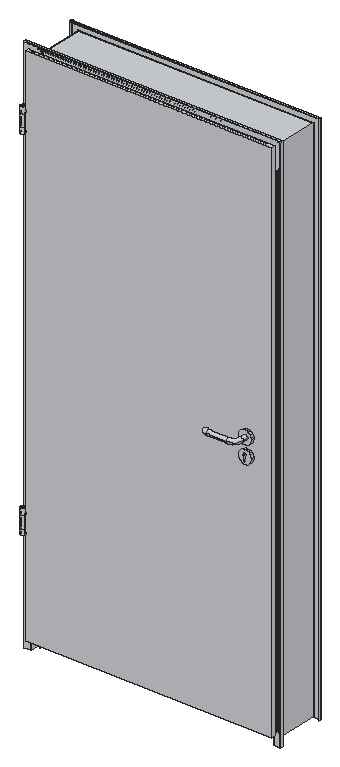
Revit family "BOS-Umfassungszarge-Uud-MW_Familie", category Türen, Revit 2017
Family settings
  Basisbauteil = Wand
  Immer vertikal = Ja
  Beim Laden mit Abzugskörper schneiden = Nein
  Gemeinsam genutzt = Nein
  Raumberechnungspunkt = Ja
Parameters (values of type "Uud")
  Öffnungswinkel [instance] = if(Öffnungswinkel   Aperture < Öffnungswinkel min., Öffnungswinkel min., if(Öffnungswinkel   Aperture > Öffnungswinkel max., Öffnungswinkel max., Öffnungswinkel   Aperture)) * if(DIN links   DIN Left, 1, -1)  # 0.00°
  Öffnungswinkel min. = 0.00°  # constant formula
  Öffnungswinkel max. = 180.00°  # constant formula
  Öffnungswinkel   Aperture [instance] = 0.00°
  Türblattaufschlag = 13 mm  # constant formula
  Türblattabstand links-rechts = 3.5 mm  # constant formula
  Spiegel vorne min. = 30 mm  # constant formula
  Spiegel vorne max. = 80 mm  # constant formula
  Spiegel hinten min. = 30 mm  # constant formula
  Spiegel hinten max. = if(Einfachfalz, 30 mm, 45 mm)  # 30 mm
  Sickentiefe = 10 mm  # constant formula
  RNH Rohbau_Nennmaß_Höhe   Nominal Wall Opening Height Measurement [instance] = FMH Falzmaß Höhe + Einfügepunkt  # 2130 mm
  RNB Rohbau_Nennmaß_Breite   Nominal Wall Opening Width Measurement [instance] = FMB Falzmaß Breite + (2 * Einfügepunkt)  # 1010 mm
  Putzwinkel min. = 10 mm  # constant formula
  Putzwinkel max. = 28 mm  # constant formula
  GT min. [instance] = MW min. + Putzwinkel vorne + Putzwinkel hinten  # 100 mm
  Drehpunktreferenz horizontal = 500 mm  # constant formula
  Türblattversatz vertikal = if(Gefälzt, -3.5 mm, 15.5 mm)  # -3.5 mm
  Türblattversatz  horizontal = if(Gefälzt, 11.5 mm, 6 mm)  # 11.5 mm
  Türblattabstand 3 = 4.5 mm  # constant formula
  Türblattabstand 2 = 4.5 mm  # constant formula
  Türblattabstand 1 = if(Gefälzt, 1.5 mm, -2 mm)  # 1.5 mm
  Wandstärke   Wall Thickness [instance] = 200 mm
  Stumpf = or(Usd, UsFd)  # no
  VX Bänder [instance] = 1 < 2  # yes
  Putzwinkel vorne   Backbend Front [instance] = 10 mm  # constant formula
  Putzwinkel hinten   Backbend Back [instance] = 10 mm  # constant formula
  LDH Lichte Durchgangs Höhe   Clearance Height [instance] = FMH Falzmaß Höhe - Falzaufschlag gesamt  # 2093 mm
  LDB Lichte Durchgangs Breite   Clearance Width [instance] = FMB Falzmaß Breite - (2 * Falzaufschlag gesamt)  # 936 mm
  Gefälzt = or(Uud, UuFd)  # yes
  URL = "www.BestOfSteel.de/stahlzargen/zargen-fuer-drehfluegeltueren/umfassungszargen/"
  Türblattstärke 3 = if(Doppelfalz, Falztiefe 2, 0 mm)  # 0 mm
  Türblattstärke 2 = Türblattstärke - Türblattstärke 1 - Türblattstärke 3  # 25.5 mm
  Türblattstärke 1 = if(Gefälzt, 14.5 mm, 0 mm)  # 14.5 mm
  Türblattstärke = if(Einfachfalz, 40 mm, 65 mm)  # 40 mm
  Typenbild = <Keine Auswahl>
  Spiegel vorne   Architrave Front [instance] = 30 mm
  Spiegel vorne [instance] = if(Spiegel vorne   Architrave Front < Spiegel vorne min., Spiegel vorne min., if(Spiegel vorne   Architrave Front > Spiegel vorne max., Spiegel vorne max., Spiegel vorne   Architrave Front))  # 30 mm
  Spiegel hinten   Architrave Back [instance] = 30 mm
  Spiegel hinten [instance] = if(Spiegel hinten   Architrave Back < Spiegel hinten min., Spiegel hinten min., if(Spiegel hinten   Architrave Back > Spiegel hinten max., Spiegel hinten max., Spiegel hinten   Architrave Back))  # 30 mm
  Rough Height = 0 mm  # constant formula
  Rough Width = 0 mm  # constant formula
  Rechtliche Hinweise [instance] = "www.BestOfSteel.de/tools-downloads/bim-building-information-modeling/"
  Putzwinkel vorne [instance] = if(Putzwinkel vorne   Backbend Front < Putzwinkel min., Putzwinkel min., if(Putzwinkel vorne   Backbend Front > Putzwinkel max., Putzwinkel max., Putzwinkel vorne   Backbend Front))  # 10 mm
  Putzwinkel hinten [instance] = if(Putzwinkel hinten   Backbend Back < Putzwinkel min., Putzwinkel min., if(Putzwinkel hinten   Backbend Back > Putzwinkel max., Putzwinkel max., Putzwinkel hinten   Backbend Back))  # 10 mm
  MW min. = 80 mm  # constant formula
  MW max. [instance] = GT max. - Putzwinkel vorne - Putzwinkel hinten  # 630 mm
  Information in English = no
  GT max. = 650 mm  # constant formula
  GT Gesamttiefe [instance] = GT Gesamttiefe_Zarge   Total Profile Depth  # 220 mm
  Funktion = Innen
  Falztiefe gesamt = if(Einfachfalz, Falztiefe, Falztiefe + Falztiefe 2)  # 28.5 mm
  Falztiefe 2 = 25 mm  # constant formula
  Falztiefe = Türblattstärke 2 - Türblattabstand 1 + Türblattabstand 2  # 28.5 mm
  Falzaufschlag gesamt = if(Einfachfalz, Falzaufschlag, 2 * Falzaufschlag)  # 15 mm
  FMH min. = 1608 mm  # constant formula
  FMH max. = 2858 mm  # constant formula
  FMH Falzmaß_Höhe   Rebate Height Measurement [instance] = 2108 mm
  FMH Falzmaß Höhe [instance] = if(FMH Falzmaß_Höhe   Rebate Height Measurement < FMH min., FMH min., if(FMH Falzmaß_Höhe   Rebate Height Measurement > FMH max., FMH max., FMH Falzmaß_Höhe   Rebate Height Measurement))  # 2108 mm
  FMB min. = 591 mm  # constant formula
  FMB max. = 1342 mm  # constant formula
  FMB Falzmaß_Breite   Rebate Width Measurement [instance] = 966 mm
  FMB Falzmaß Breite [instance] = if(FMB Falzmaß_Breite   Rebate Width Measurement < FMB min., FMB min., if(FMB Falzmaß_Breite   Rebate Width Measurement > FMB max., FMB max., FMB Falzmaß_Breite   Rebate Width Measurement))  # 966 mm
  Drückerhöhe [instance] = if(Drückerhöhe   Handle Height < 850 mm, 850 mm, if(Drückerhöhe   Handle Height > 1050 mm, 1050 mm, Drückerhöhe   Handle Height))  # 1050 mm
  Drehpunkt Warnung sichtbar = yes
  Drehpunkt Warnung [instance] = and(Drehpunkt Warnung sichtbar, not(Öffnungswinkel = 0.00°))  # no
  Doppelfalz = or(UuFd, UsFd)  # no
  Einfachfalz = or(Uud, Usd)  # yes
  Dichtungsversatz vertikal 2 [instance] = Falztiefe + Sickentiefe - Putzwinkel vorne + Falztiefe 2  # 53.5 mm
  Dichtungsversatz vertikal 1 [instance] = Falztiefe + Sickentiefe - Putzwinkel vorne  # 28.5 mm
  Dichtungsversatz horizontal 2 [instance] = Falzaufschlag  # 15 mm
  Dichtungsversatz horizontal 1 [instance] = 0 mm  # constant formula
  Dichtung 2 = Doppelfalz  # no
  Dichtung 1 = or(Einfachfalz, Doppelfalz)  # yes
  Drehpunktposition vertikal [instance] = (Wandstärke   Wall Thickness / 2) + Putzwinkel vorne + [Drehpunktabstand (SP) vertikal]  # 122.5 mm
  Drehpunktposition horizontal [instance] = Drehpunktreferenz horizontal + Einfügepunkt + if(DIN links   DIN Left, FMB Falzmaß Breite + [Drehpunktabstand (FM) horizontal], -[Drehpunktabstand (FM) horizontal])  # 1509 mm
  Drehpunktabstand (FM) horizontal = if(Gefälzt, 21 mm, 2.5 mm)  # 21 mm
  Drehpunktabstand (SP) vertikal = if(Gefälzt, 12.5 mm, 13.5 mm)  # 12.5 mm
  Bänder - Auswahl [instance] = if(Gefälzt, "3D Bänder gefälzt, Bandaufnahmen BVX11000", "3D Bänder stumpf, Bandaufnahmen BVX11000")  # "3D Bänder gefälzt, Bandaufnahmen BVX11000"
  Blechstärke = 1.5 mm  # constant formula
  BE max. = 100 mm  # constant formula
  BE Bodeneinstand [instance] = if(BE Bodeneinstand   Foundation Bedding < 0 mm, 0 mm, if(BE Bodeneinstand   Foundation Bedding > BE max., BE max., BE Bodeneinstand   Foundation Bedding))  # 30 mm
  UsFd = no
  UuFd = no
  Modell = "Uud"
  Material - Zarge = none
  Material - Türblatt = none
  Material - Drückergarnitur = none
  Material - Dichtung = none
  Material - Bänder = none
  Material = "grundiert, feuerverzinktes Feinblech nach DIN EN 10143"
  MW Maulweite   Receiving Opening [instance] = if(Wandstärke   Wall Thickness < MW min., MW min., if(Wandstärke   Wall Thickness > MW max., MW max., Wandstärke   Wall Thickness))  # 200 mm
  Height [instance] = RNH Rohbau_Nennmaß_Höhe   Nominal Wall Opening Height Measurement  # 2130 mm
  Hersteller = "BOS GmbH Best Of Steel, Lütkenfelde 4, D-48282 Emsdetten"
  GT Gesamttiefe_Zarge   Total Profile Depth [instance] = MW Maulweite   Receiving Opening + Putzwinkel vorne + Putzwinkel hinten  # 220 mm
  MW Fehler [instance] = or(Wandstärke   Wall Thickness < MW min., Wandstärke   Wall Thickness > MW max.)  # no
  Einfügepunkt = 22 mm  # constant formula
  Drückerhöhe   Handle Height [instance] = 1050 mm
  Drückergarnitur [instance] = 1 < 2  # yes
  Dicke = 0 mm  # constant formula
  DIN rechts   DIN Right [instance] = not(DIN links   DIN Left)  # no
  DIN links oder rechts [instance] = if(DIN links   DIN Left, "DIN links", "DIN rechts")  # "DIN links"
  DIN links   DIN Left [instance] = yes
  Uud = yes
  Usd = no
  Width = 0 mm  # constant formula
  Beschreibung = "Umfassungszarge für Mauerwerk, gefälzt"
  Bauelement = "BOS Stahlzarge"
  BOS-Architekten-Beratung = "Tel.: +49 (0) 2572 203-203; E-Mail: architekten@BestOfSteel.de"
  BE Bodeneinstand   Foundation Bedding [instance] = 30 mm
  BBL1 Bandbezugslinie   Hinge Position 1 = 241 mm  # constant formula
  BA Bandabstand   Distance Between Hinges [instance] = if(FMH Falzmaß Höhe < 1546 mm, 935 mm, if(FMH Falzmaß Höhe < 1671 mm, 1060 mm, if(FMH Falzmaß Höhe < 1796 mm, 1185 mm, if(FMH Falzmaß Höhe < 1921 mm, 1310 mm, if(FMH Falzmaß Höhe < 2171 mm, 1435 mm, if(FMH Falzmaß Höhe < 2296 mm, 1685 mm, if(FMH Falzmaß Höhe < 2421 mm, 1810 mm, if(FMH Falzmaß Höhe < 2546 mm, 1935 mm, if(FMH Falzmaß Höhe < 2671 mm, 2060 mm, if(FMH Falzmaß Höhe < 2796 mm, 2185 mm, 2310 mm))))))))))  # 1435 mm
  Falzaufschlag = 15 mm  # constant formula
  Technische Infos rund um die Stahlzarge = "www.BestOfSteel.de/tools-downloads/technische-infos-rund-um-die-stahlzarge/"
  Info-Texte sichtbar = yes
Reference planes
  plane 1 "Wand": y = 0
  plane 2 "Mitte (Links/rechts)": x = 125
  plane 3 "Hinten": y = 100
  plane 4 "Vorne": y = -100
  plane 5 "RNB links": x = -380
  plane 6 "RNB rechts": x = 630
  plane 7 "RNH oben": z = 2130
  plane 8 "BBL1": z = 1867
  plane 9 "Drückerhöhe": z = 1050
  plane 10 "BBL2": z = 432
  plane 11 "BE": z = -30
  plane 12 "FMH oben": z = 2108
  plane 13 "BE max.": z = -100
  plane 14 "FMB links": x = -358
  plane 15 "FMB rechts": x = 608
  plane 16 "Drehpunkt vertikal": y = -122.5
  plane 17 "Drehpunkt horizontal": x = -379
  plane 18 "Drehpunktreferenz horizontal": x = 1130
Forms (mm)
  Sweep 1, solid, material <- "Material - Zarge", visible <- "Einfachfalz", detail levels medium+fine
    path origin (0, -100, 0) x (-1, 0, 0) y (0, 0, 1)
      loop
        line (380, -30) -> (380, 2130) -> (-630, 2130) -> (-630, -30)
    profile "BOS-Uud-Usd_Profil : BOS-Uud-Usd_Profil" origin (-380, -100, 1050) x (1, 0, 0) y (0, 1, 0)
      loop
        arc (37, 207.5) -> (36.268, 209.268) -> (34.5, 210) r 2.5
        line (34.5, 210) -> (9.5, 210)
        arc (9.5, 210) -> (7.732, 209.268) -> (7, 207.5) r 2.5
        line (7, 207.5) -> (7, 200) -> (8.5, 200) -> (8.5, 207.5)
        arc (8.5, 207.5) -> (8.793, 208.207) -> (9.5, 208.5) r 1
        line (9.5, 208.5) -> (34.5, 208.5)
        arc (34.5, 208.5) -> (35.207, 208.207) -> (35.5, 207.5) r 1
        line (35.5, 207.5) -> (35.5, 21.25)
        arc (35.5, 21.25) -> (34.135, 20.005) -> (33.021, 21.479) r 1.25
        line (33.021, 21.479) -> (33.949, 26.449)
        arc (33.949, 26.449) -> (33.308, 28.917) -> (31, 30) r 3
        line (31, 30) -> (23, 30)
        arc (23, 30) -> (21.232, 29.268) -> (20.5, 27.5) r 2.5
        line (20.5, 27.5) -> (20.5, -7.5)
        arc (20.5, -7.5) -> (20.207, -8.207) -> (19.5, -8.5) r 1
        line (19.5, -8.5) -> (-5.5, -8.5)
        arc (-5.5, -8.5) -> (-6.207, -8.207) -> (-6.5, -7.5) r 1
        line (-6.5, -7.5) -> (-6.5, 0) -> (-8, 0) -> (-8, -7.5)
        arc (-8, -7.5) -> (-7.268, -9.268) -> (-5.5, -10) r 2.5
        line (-5.5, -10) -> (19.5, -10)
        arc (19.5, -10) -> (21.268, -9.268) -> (22, -7.5) r 2.5
        line (22, -7.5) -> (22, 27.5)
        arc (22, 27.5) -> (22.293, 28.207) -> (23, 28.5) r 1
        line (23, 28.5) -> (31, 28.5)
        arc (31, 28.5) -> (32.154, 27.958) -> (32.475, 26.725) r 1.5
        line (32.475, 26.725) -> (31.547, 21.755)
        arc (31.547, 21.755) -> (33.996, 18.512) -> (37, 21.25) r 2.75
        line (37, 21.25) -> (37, 207.5)
  Sweep 2, solid, material <- "Material - Dichtung", visible <- "Dichtung 1", detail levels medium+fine
    path origin (0, -100, 0) x (-1, 0, 0) y (0, 0, 1)
      loop
        line (358, 0) -> (358, 2108) -> (-608, 2108) -> (-608, 0)
    profile "BOS-Dichtung_Profil : BOS-Dichtung_Profil" origin (-358, -100, 1054) x (1, 0, 0) y (0, 1, 0)
      loop
        arc (2.601, 27.263) -> (2.248, 27.116) -> (2.102, 26.763) r 0.5
        line (2.102, 26.763) -> (2.102, 22.634)
        arc (2.102, 22.634) -> (2.243, 22.254) -> (2.599, 22.057) r 0.584
        line (2.599, 22.057) -> (7.702, 21.28)
        arc (7.702, 21.28) -> (8.08, 21.392) -> (8.234, 21.754) r 0.462
        line (8.234, 21.754) -> (8.069, 25.992)
        arc (8.069, 25.992) -> (7.918, 26.403) -> (7.556, 26.65) r 0.716
        arc (7.556, 26.65) -> (5.104, 27.16) -> (2.601, 27.263) r 15.257
      loop
        arc (2.671, 20.957) -> (2.274, 20.838) -> (2.102, 20.46) r 0.501
        line (2.102, 20.46) -> (2.102, 17.565)
        arc (2.102, 17.565) -> (2.227, 17.151) -> (2.561, 16.874) r 0.75
        line (2.561, 16.874) -> (9.159, 15)
        arc (9.159, 15) -> (9.738, 14.926) -> (10.314, 15.026) r 1.962
        arc (10.314, 15.026) -> (11.596, 15.754) -> (12.503, 16.916) r 3.79
        arc (12.503, 16.916) -> (12.466, 17.289) -> (12.114, 17.416) r 0.351
        arc (12.114, 17.416) -> (9.731, 17.818) -> (8.301, 19.767) r 3.215
        arc (8.301, 19.767) -> (8.101, 20.097) -> (7.751, 20.259) r 0.66
        line (7.751, 20.259) -> (2.671, 20.957)
      loop
        arc (9.885, 26.692) -> (6.361, 28.049) -> (2.611, 28.5) r 15.273
        arc (2.611, 28.5) -> (1.229, 28.241) -> (0, 27.558) r 4.388
        arc (0, 27.558) -> (-0.126, 27.198) -> (0.203, 27.005) r 0.3
        line (0.203, 27.005) -> (1.052, 27.179) -> (1.052, 22.212) -> (0.253, 21.589)
        arc (0.253, 21.589) -> (0.158, 21.198) -> (0.517, 21.017) r 0.324
        arc (0.517, 21.017) -> (0.888, 20.925) -> (1.052, 20.58) r 0.446
        line (1.052, 20.58) -> (1.052, 17.338) -> (0.255, 16.575)
        arc (0.255, 16.575) -> (0.205, 16.209) -> (0.55, 16.077) r 0.297
        arc (0.55, 16.077) -> (1.217, 16.194) -> (1.892, 16.137) r 2.63
        line (1.892, 16.137) -> (9.198, 14.049)
        arc (9.198, 14.049) -> (9.621, 14.008) -> (10.045, 14.024) r 3.219
        arc (10.045, 14.024) -> (12.714, 15.531) -> (14.033, 18.298) r 5.088
        arc (14.033, 18.298) -> (13.874, 18.708) -> (13.442, 18.788) r 0.451
        line (13.442, 18.788) -> (12.151, 18.352)
        arc (12.151, 18.352) -> (10.406, 18.72) -> (9.336, 20.147) r 2.533
        line (9.336, 20.147) -> (9.088, 25.569)
        arc (9.088, 25.569) -> (9.253, 25.964) -> (9.663, 26.087) r 0.501
        arc (9.663, 26.087) -> (10.021, 26.299) -> (9.885, 26.692) r 0.329
  Sweep 3, solid, material <- "Material - Zarge", visible <- "Doppelfalz", detail levels medium+fine
    path origin (0, -100, 0) x (-1, 0, 0) y (0, 0, 1)
      loop
        line (380, -30) -> (380, 2130) -> (-630, 2130) -> (-630, -30)
    profile "BOS-UuFd-UsFd_Profil : BOS-UuFd-UsFd_Profil" origin (-380, -100, 1050) x (1, 0, 0) y (0, 1, 0)
      loop
        arc (52, 207.5) -> (51.268, 209.268) -> (49.5, 210) r 2.5
        line (49.5, 210) -> (24.5, 210)
        arc (24.5, 210) -> (22.732, 209.268) -> (22, 207.5) r 2.5
        line (22, 207.5) -> (22, 200) -> (23.5, 200) -> (23.5, 207.5)
        arc (23.5, 207.5) -> (23.793, 208.207) -> (24.5, 208.5) r 1
        line (24.5, 208.5) -> (49.5, 208.5)
        arc (49.5, 208.5) -> (50.207, 208.207) -> (50.5, 207.5) r 1
        line (50.5, 207.5) -> (50.5, 46.25)
        arc (50.5, 46.25) -> (49.135, 45.005) -> (48.021, 46.479) r 1.25
        line (48.021, 46.479) -> (48.949, 51.449)
        arc (48.949, 51.449) -> (48.308, 53.917) -> (46, 55) r 3
        line (46, 55) -> (38, 55)
        arc (38, 55) -> (36.232, 54.268) -> (35.5, 52.5) r 2.5
        line (35.5, 52.5) -> (35.5, 21.25)
        arc (35.5, 21.25) -> (34.135, 20.005) -> (33.021, 21.479) r 1.25
        line (33.021, 21.479) -> (33.949, 26.449)
        arc (33.949, 26.449) -> (33.308, 28.917) -> (31, 30) r 3
        line (31, 30) -> (23, 30)
        arc (23, 30) -> (21.232, 29.268) -> (20.5, 27.5) r 2.5
        line (20.5, 27.5) -> (20.5, -7.5)
        arc (20.5, -7.5) -> (20.207, -8.207) -> (19.5, -8.5) r 1
        line (19.5, -8.5) -> (-5.5, -8.5)
        arc (-5.5, -8.5) -> (-6.207, -8.207) -> (-6.5, -7.5) r 1
        line (-6.5, -7.5) -> (-6.5, 0) -> (-8, 0) -> (-8, -7.5)
        arc (-8, -7.5) -> (-7.268, -9.268) -> (-5.5, -10) r 2.5
        line (-5.5, -10) -> (19.5, -10)
        arc (19.5, -10) -> (21.268, -9.268) -> (22, -7.5) r 2.5
        line (22, -7.5) -> (22, 27.5)
        arc (22, 27.5) -> (22.293, 28.207) -> (23, 28.5) r 1
        line (23, 28.5) -> (31, 28.5)
        arc (31, 28.5) -> (32.154, 27.958) -> (32.475, 26.725) r 1.5
        line (32.475, 26.725) -> (31.547, 21.755)
        arc (31.547, 21.755) -> (33.996, 18.512) -> (37, 21.25) r 2.75
        line (37, 21.25) -> (37, 52.5)
        arc (37, 52.5) -> (37.293, 53.207) -> (38, 53.5) r 1
        line (38, 53.5) -> (46, 53.5)
        arc (46, 53.5) -> (47.154, 52.958) -> (47.475, 51.725) r 1.5
        line (47.475, 51.725) -> (46.547, 46.755)
        arc (46.547, 46.755) -> (48.996, 43.512) -> (52, 46.25) r 2.75
        line (52, 46.25) -> (52, 207.5)
  Sweep 4, solid, material <- "Material - Dichtung", visible <- "Dichtung 2", detail levels medium+fine
    path origin (0, -100, 0) x (-1, 0, 0) y (0, 0, 1)
      loop
        line (358, 0) -> (358, 2108) -> (-608, 2108) -> (-608, 0)
    profile "BOS-Dichtung_Profil : BOS-Dichtung_Profil" origin (-358, -100, 1054) x (1, 0, 0) y (0, 1, 0)
      loop
        arc (17.601, 52.263) -> (17.248, 52.116) -> (17.102, 51.763) r 0.5
        line (17.102, 51.763) -> (17.102, 47.634)
        arc (17.102, 47.634) -> (17.243, 47.254) -> (17.599, 47.057) r 0.584
        line (17.599, 47.057) -> (22.702, 46.28)
        arc (22.702, 46.28) -> (23.08, 46.392) -> (23.234, 46.754) r 0.462
        line (23.234, 46.754) -> (23.069, 50.992)
        arc (23.069, 50.992) -> (22.918, 51.403) -> (22.556, 51.65) r 0.716
        arc (22.556, 51.65) -> (20.104, 52.16) -> (17.601, 52.263) r 15.257
      loop
        arc (17.671, 45.957) -> (17.274, 45.838) -> (17.102, 45.46) r 0.501
        line (17.102, 45.46) -> (17.102, 42.565)
        arc (17.102, 42.565) -> (17.227, 42.151) -> (17.561, 41.874) r 0.75
        line (17.561, 41.874) -> (24.159, 40)
        arc (24.159, 40) -> (24.738, 39.926) -> (25.314, 40.026) r 1.962
        arc (25.314, 40.026) -> (26.596, 40.754) -> (27.503, 41.916) r 3.79
        arc (27.503, 41.916) -> (27.466, 42.289) -> (27.114, 42.416) r 0.351
        arc (27.114, 42.416) -> (24.731, 42.818) -> (23.301, 44.767) r 3.215
        arc (23.301, 44.767) -> (23.101, 45.097) -> (22.751, 45.259) r 0.66
        line (22.751, 45.259) -> (17.671, 45.957)
      loop
        arc (24.885, 51.692) -> (21.361, 53.049) -> (17.611, 53.5) r 15.273
        arc (17.611, 53.5) -> (16.229, 53.241) -> (15, 52.558) r 4.388
        arc (15, 52.558) -> (14.874, 52.198) -> (15.203, 52.005) r 0.3
        line (15.203, 52.005) -> (16.052, 52.179) -> (16.052, 47.212) -> (15.253, 46.589)
        arc (15.253, 46.589) -> (15.158, 46.198) -> (15.517, 46.017) r 0.324
        arc (15.517, 46.017) -> (15.888, 45.925) -> (16.052, 45.58) r 0.446
        line (16.052, 45.58) -> (16.052, 42.338) -> (15.255, 41.575)
        arc (15.255, 41.575) -> (15.205, 41.209) -> (15.55, 41.077) r 0.297
        arc (15.55, 41.077) -> (16.217, 41.194) -> (16.892, 41.137) r 2.63
        line (16.892, 41.137) -> (24.198, 39.049)
        arc (24.198, 39.049) -> (24.621, 39.008) -> (25.045, 39.024) r 3.219
        arc (25.045, 39.024) -> (27.714, 40.531) -> (29.033, 43.298) r 5.088
        arc (29.033, 43.298) -> (28.874, 43.708) -> (28.442, 43.788) r 0.451
        line (28.442, 43.788) -> (27.151, 43.352)
        arc (27.151, 43.352) -> (25.406, 43.72) -> (24.336, 45.147) r 2.533
        line (24.336, 45.147) -> (24.088, 50.569)
        arc (24.088, 50.569) -> (24.253, 50.964) -> (24.663, 51.087) r 0.501
        arc (24.663, 51.087) -> (25.021, 51.299) -> (24.885, 51.692) r 0.329
  Sweep 5, void
    path origin (0, -100, 0) x (-1, 0, 0) y (0, 0, 1)
      loop
        line (380, 0) -> (380, 2130) -> (-125, 2130)
    profile "BOS-AK-Umfassungszarge-Einfachfalz_Profil : BOS-AK-Umfassungszarge-Einfachfalz_Profil" origin (-380, -100, 1065) x (1, 0, 0) y (0, 1, 0)
      loop
        line (505, 200) -> (35.5, 200) -> (35.5, 30) -> (24.5, 30)
        arc (24.5, 30) -> (21.672, 28.828) -> (20.5, 26) r 4
        line (20.5, 26) -> (20.5, 0) -> (505, 0) -> (505, 200)
  Sweep 6, void
    path origin (0, -100, 0) x (-1, 0, 0) y (0, 0, 1)
      loop
        line (-630, 0) -> (-630, 2130) -> (-125, 2130)
    profile "BOS-AK-Umfassungszarge-Einfachfalz_Profil : BOS-AK-Umfassungszarge-Einfachfalz_Profil" origin (630, -100, 1065) x (1, 0, 0) y (0, 1, 0)
      loop
        line (-505, 200) -> (-505, 0) -> (-20.5, 0) -> (-20.5, 26)
        arc (-20.5, 26) -> (-21.672, 28.828) -> (-24.5, 30) r 4
        line (-24.5, 30) -> (-35.5, 30) -> (-35.5, 200) -> (-505, 200)
  Sweep 7, void
    path origin (0, -100, 0) x (-1, 0, 0) y (0, 0, 1)
      loop
        line (380, 0) -> (380, 2130) -> (-125, 2130)
    profile "BOS-AK-Umfassungszarge-Doppelfalz_Profil : BOS-AK-Umfassungszarge-Doppelfalz_Profil" origin (-380, -100, 1065) x (1, 0, 0) y (0, 1, 0)
      loop
        line (505, 200) -> (116.5, 200) -> (116.5, 55) -> (105.5, 55)
        arc (105.5, 55) -> (102.672, 53.828) -> (101.5, 51) r 4
        line (101.5, 51) -> (101.5, 30) -> (90.5, 30)
        arc (90.5, 30) -> (87.672, 28.828) -> (86.5, 26) r 4
        line (86.5, 26) -> (86.5, 0) -> (505, 0) -> (505, 200)
  Sweep 8, void
    path origin (0, -100, 0) x (-1, 0, 0) y (0, 0, 1)
      loop
        line (-630, 0) -> (-630, 2130) -> (-125, 2130)
    profile "BOS-AK-Umfassungszarge-Doppelfalz_Profil : BOS-AK-Umfassungszarge-Doppelfalz_Profil" origin (630, -100, 1065) x (1, 0, 0) y (0, 1, 0)
      loop
        line (-505, 200) -> (-505, 0) -> (-86.5, 0) -> (-86.5, 26)
        arc (-86.5, 26) -> (-87.672, 28.828) -> (-90.5, 30) r 4
        line (-90.5, 30) -> (-101.5, 30) -> (-101.5, 51)
        arc (-101.5, 51) -> (-102.672, 53.828) -> (-105.5, 55) r 4
        line (-105.5, 55) -> (-116.5, 55) -> (-116.5, 200) -> (-505, 200)
Lines and regions (mm)
  reference lines
    curve 1: line (65, 650, 0) -> (185, 650, 0)
    curve 2: line (-379, -122.5, 0) -> (321, -122.5, 0)
    curve 3: line (65, -350, 0) -> (185, -350, 0)
    curve 4: line (65, -650, 0) -> (185, -650, 0)
  symbolic lines, style "DoorsHiddenLines", visible <- "DIN links   DIN Left", detail levels coarse
    curve 5: arc (630, -100, 0) -> (334.178, -814.178, 0) -> (-380, -1110, 0) r 1010
  symbolic lines, style "Doors", visible <- "DIN links   DIN Left", detail levels coarse
    curve 6: line (-380, -100, 0) -> (-380, -1110, 0)
  symbolic lines, style "DoorsHiddenLines", visible <- "DIN rechts   DIN Right", detail levels coarse
    curve 7: arc (-380, -100, 0) -> (-84.178, -814.178, 0) -> (630, -1110, 0) r 1010
  symbolic lines, style "Doors", visible <- "DIN rechts   DIN Right", detail levels coarse
    curve 8: line (630, -100, 0) -> (630, -1110, 0)
Text (mm)
  text "Außen     " at (-1696.17, 830.944, 0), in view "Ref.-Ebene"
  text "Außen" at (0, 1409.804, 2854.306), in view "Links"
  text "Placement side" at (0, 499.811, 2980.732), in view "Rechts"
Dimensions and locks
  locked: plane 3 "Hinten" to host wall
  locked: host wall to plane 4 "Vorne" at 0
  equal spacing: plane 5 "RNB links", plane 2 "Mitte (Links/rechts)", plane 6 "RNB rechts"
  "RNB Rohbau_Nennmaß_Breite   Nominal Wall Opening Width Measurement": plane 5 "RNB links" to plane 6 "RNB rechts"
  "Drückerhöhe": level to plane 9 "Drückerhöhe"
  "BE Bodeneinstand": plane 11 "BE" to level
  "Wandstärke   Wall Thickness": host wall to host wall
  "BBL1 Bandbezugslinie   Hinge Position 1": plane 12 "FMH oben" to plane 8 "BBL1"
  "BA Bandabstand   Distance Between Hinges": plane 8 "BBL1" to plane 10 "BBL2"
  "FMH Falzmaß Höhe": plane 12 "FMH oben" to level
  "RNH Rohbau_Nennmaß_Höhe   Nominal Wall Opening Height Measurement": plane 7 "RNH oben" to level
  curve 4 to curve 3 to plane 4 "Vorne" to plane 3 "Hinten" to curve 1 = 300 mm, 250 mm, 200 mm, 550 mm
  "BE max.": level to plane 13 "BE max."
  equal spacing: plane 14 "FMB links", plane 2 "Mitte (Links/rechts)", plane 15 "FMB rechts"
  "FMB Falzmaß Breite": plane 14 "FMB links" to plane 15 "FMB rechts"
  "Drehpunktposition vertikal": host wall to plane 16 "Drehpunkt vertikal"
  "Drehpunktreferenz horizontal": plane 6 "RNB rechts" to plane 18 "Drehpunktreferenz horizontal"
  "Drehpunktposition horizontal": plane 17 "Drehpunkt horizontal" to plane 18 "Drehpunktreferenz horizontal"
  "Öffnungswinkel": angle curve 2 to plane 16 "Drehpunkt vertikal"
  aligned and locked: plane 1 "Wand" to host wall
  aligned and locked: plane 6 "RNB rechts" to nested 1
  aligned and locked: nested 1 to plane 4 "Vorne"
  aligned and locked: plane 9 "Drückerhöhe" to nested 1
  aligned and locked: Sweep 2 sketch curve to plane 14 "FMB links"
  aligned and locked: Sweep 2 sketch curve to plane 12 "FMH oben"
  aligned and locked: Sweep 2 sketch curve to plane 15 "FMB rechts"
  aligned and locked: Sweep 4 sketch curve to plane 15 "FMB rechts"
  aligned and locked: Sweep 4 sketch curve to plane 12 "FMH oben"
  aligned and locked: Sweep 4 sketch curve to plane 14 "FMB links"
  aligned and locked: plane 16 "Drehpunkt vertikal" to curve 2
  aligned and locked: plane 17 "Drehpunkt horizontal" to curve 2
  aligned and locked: curve 2 to nested 2
  aligned and locked: nested 4 to plane 10 "BBL2"
  aligned and locked: plane 8 "BBL1" to nested 3
  aligned and locked: plane 17 "Drehpunkt horizontal" to nested 3
  aligned and locked: plane 17 "Drehpunkt horizontal" to nested 4
  aligned and locked: plane 16 "Drehpunkt vertikal" to nested 3
  aligned and locked: plane 16 "Drehpunkt vertikal" to nested 4
  aligned and locked: curve 1 to nested 8
  aligned and locked: plane 2 "Mitte (Links/rechts)" to nested 8
  aligned and locked: plane 18 "Drehpunktreferenz horizontal" to nested 6
  aligned and locked: plane 1 "Wand" to nested 6
  aligned and locked: nested 7 to plane 2 "Mitte (Links/rechts)"
  aligned and locked: curve 3 to nested 5
  aligned and locked: nested 5 to plane 2 "Mitte (Links/rechts)"
  aligned and locked: plane 4 "Vorne" to nested 9
  aligned and locked: plane 5 "RNB links" to nested 9
  aligned and locked: nested 10 to plane 4 "Vorne"
  aligned and locked: plane 6 "RNB rechts" to nested 10
  aligned and locked: nested 11 to nested 9  (x2)
  aligned and locked: Sweep 5 sketch curve to plane 7 "RNH oben"
  aligned and locked: plane 2 "Mitte (Links/rechts)" to Sweep 5 sketch curve
  aligned and locked: plane 5 "RNB links" to Sweep 5 sketch curve
  aligned and locked: level to Sweep 5 sketch curve
  aligned and locked: plane 7 "RNH oben" to Sweep 6 sketch curve
  aligned and locked: plane 2 "Mitte (Links/rechts)" to Sweep 6 sketch curve
  aligned and locked: plane 6 "RNB rechts" to Sweep 6 sketch curve
  aligned and locked: level to Sweep 6 sketch curve
  aligned and locked: Sweep 7 sketch curve to plane 7 "RNH oben"
  aligned and locked: plane 5 "RNB links" to Sweep 7 sketch curve
  aligned and locked: plane 2 "Mitte (Links/rechts)" to Sweep 7 sketch curve
  aligned and locked: level to Sweep 7 sketch curve
  aligned and locked: plane 7 "RNH oben" to Sweep 8 sketch curve
  aligned and locked: plane 2 "Mitte (Links/rechts)" to Sweep 8 sketch curve
  aligned and locked: plane 6 "RNB rechts" to Sweep 8 sketch curve
  aligned and locked: level to Sweep 8 sketch curve
  aligned and locked: curve 4 to nested 7
Automatic sketch dimensions
  Sweep 1 sketch curve to plane 6 "RNB rechts" = 0 mm
  Sweep 1 sketch curve to plane 5 "RNB links" = 0 mm
  Sweep 1 sketch curve to plane 11 "BE" = 0 mm  (x2)
  Sweep 1 sketch curve to plane 7 "RNH oben" = 0 mm
  Sweep 2 sketch curve to level = 0 mm  (x2)
  Sweep 3 sketch curve to plane 6 "RNB rechts" = 0 mm
  Sweep 3 sketch curve to plane 5 "RNB links" = 0 mm
  Sweep 3 sketch curve to plane 11 "BE" = 0 mm  (x2)
  Sweep 3 sketch curve to plane 7 "RNH oben" = 0 mm
  Sweep 4 sketch curve to level = 0 mm  (x2)
  host wall to curve 7 = 0 mm
  curve 6 to plane 5 "RNB links" = 0 mm
  host wall to curve 8 = 0 mm
  host wall to curve 5 = 0 mm
  curve 5 to plane 6 "RNB rechts" = 0 mm
  host wall to curve 6 = 0 mm
  curve 7 to plane 5 "RNB links" = 0 mm
  curve 8 to plane 6 "RNB rechts" = 0 mm
  curve 4 to plane 2 "Mitte (Links/rechts)" = 60 mm
  curve 3 to plane 2 "Mitte (Links/rechts)" = 60 mm
  curve 1 to plane 2 "Mitte (Links/rechts)" = 60 mm
  plane 2 "Mitte (Links/rechts)" to curve 3 = 60 mm
  plane 2 "Mitte (Links/rechts)" to curve 4 = 60 mm
  plane 2 "Mitte (Links/rechts)" to curve 1 = 60 mm
Nested families
  nested 1: "BOS-BOS_Modell" at (630, -100, 1050), type "BOS-BOS_Modell", not visible
  nested 2: "BOS-Türblatt_Modell" at (125, -119, 0), type "BOS-Türblatt_Modell"
    with Glastürdrücker DIN rechts no, Glastürdrücker DIN links no, Drückergarnitur DIN rechts no, Drückergarnitur DIN links yes
  nested 3: "BOS-Band-VX_Modell" at (-379, -122.5, 1867), visible <- "VX Bänder", type "BOS-Band-VX_Modell", detail levels fine
  nested 4: "BOS-Band-VX_Modell" at (-379, -122.5, 432), visible <- "VX Bänder", type "BOS-Band-VX_Modell", detail levels fine
  nested 5: "BOS-Info-Texte_Beschriftung" at (125, -350.955, 0), visible <- "Drehpunkt Warnung", type "Drehpunkt Warnung"
  nested 6: "BOS-Info-Texte_Beschriftung" at (1130, -0.955, 0), visible <- "MW Fehler", type "Maulweite Fehlermeldung"
  nested 7: "BOS-Info-Texte_Beschriftung" at (125, -650.955, 0), visible <- "Info-Texte sichtbar", type "Rechtliche Hinweise"
  nested 8: "BOS-Info-Texte_Beschriftung" at (125, 649.045, 0), visible <- "Info-Texte sichtbar", type "Technische Hinweise"
  nested 9: "BOS-loser-Nagelanker_Detail" at (-365, -50, 0), type "BOS-loser-Nagelanker_Detail", detail levels fine
    with Spiegel innen 0 mm
  nested 10: "BOS-loser-Nagelanker_Detail" at (615, -50, 0) x (-1, 0, 0) z (0, 0, 1), type "BOS-loser-Nagelanker_Detail", detail levels fine
    with Spiegel innen 0 mm
  nested 11: "BOS-Logo_Modell" at (-368, 76.701, 0), type "BOS-Logo_Modell", detail levels fine
    with Abstand horizontal 4 mm
Definition of nested family "BOS-Türblatt_Modell"
  Parameters (values of type "BOS-Türblatt_Modell")
    Default Elevation = 1219.2 mm
    URL = "www.BestOfSteel.de"
    Türblattversatz vertikal = -3.5 mm
    Türblattversatz horizontal = 11.5 mm
    Technische Infos rund um die Stahlzarge = "www.BestOfSteel.de/tools-downloads/technische-infos-rund-um-die-stahlzarge/"
    Türblattaufschlag = 13 mm
    Türblattstärke 3 = 0 mm
    Türblattstärke 2 = 25.5 mm
    Türblattstärke 1 = 14.5 mm
    Türblattstärke = 40 mm
    Türblattabstand oben = 4 mm
    Türblattabstand unten = 7 mm
    Türblattabstand links-rechts = 3.5 mm
    TAH3 Türblatt Außenmaß Höhe 3 = FMH Zargen Falzmaß Höhe - Falzaufschlag - Türblattabstand oben - Türblattabstand unten  # 2082 mm
    TAH2 Türblatt Außenmaß Höhe 2 = FMH Zargen Falzmaß Höhe - Türblattabstand oben - Türblattabstand unten  # 2097 mm
    TAH Türblatt Außenmaß Höhe = FMH Zargen Falzmaß Höhe + if(Gefälzt, Türblattaufschlag, 0 mm) - Türblattabstand oben - Türblattabstand unten  # 2110 mm
    Stumpf = no
    Rechtliche Hinweise = "www.BestOfSteel.de/tools-downloads/bim-building-information-modeling/"
    Material - Türblatt = none
    Material - Drückergarnitur = none
    Glastürtdrücker = no
    Glastürdrücker DIN rechts [instance] = and(Glastürtdrücker, DIN rechts)  # no
    Glastürdrücker DIN links [instance] = and(Glastürtdrücker, DIN links)  # no
    Gefälzt = yes
    FMH Zargen Falzmaß Höhe = 2108 mm
    FMB Zargen Falzmaß Breite = 966 mm
    Einfachfalz = yes
    Drückerhöhe = 1050 mm
    Drückergarnitur = yes
    Drückerabstand = 100 mm
    Drehpunktabstand vertikal = (2 * Türblattstärke) + Türblattversatz vertikal  # 76.5 mm
    Drehpunktabstand horizontal = (TAB Türblatt Außenmass Breite / 2) + if(DIN links, -Türblattversatz horizontal, TAB Türblatt Außenmass Breite + Türblattversatz horizontal)  # 481 mm
    Doppelfalz = no
    Drückergarnitur DIN rechts [instance] = and(Drückergarnitur, DIN rechts)  # no
    Drückergarnitur DIN links [instance] = and(Drückergarnitur, DIN links)  # yes
    DIN rechts = no
    DIN links = yes
    Description = "Holz- oder Glastürblatt, mit Drücker, gefälzt oder stumpf"
    Keynote = "BOS Türblatt"
    TAB3 Türblatt Außenmass Breite Türblatt 3 = FMB Zargen Falzmaß Breite - 2 * (Falzaufschlag + [Türblattabstand links-rechts])  # 929 mm
    TAB Türblatt Außenmass Breite = FMB Zargen Falzmaß Breite + 2 * (if(Gefälzt, Türblattaufschlag, 0 mm) - [Türblattabstand links-rechts])  # 985 mm
    TAB2 Türblatt Außenmass Breite Türblatt 2 = FMB Zargen Falzmaß Breite - 2 * ([Türblattabstand links-rechts])  # 959 mm
    Falzaufschlag = 15 mm
    BOS-Architekten-Beratung = "Tel.: +49 (0) 2572 203-203; E-Mail: architekten@BestOfSteel.de"
  Reference planes
    plane 1: y = -7
    plane 2: z = 0
    plane 3: x = 0
    plane 4: z = 7
    plane 5: z = 2117
    plane 6: x = -492.5
    plane 7: x = 492.5
    plane 8: x = -479.5
    plane 9: x = 479.5
    plane 10: x = 464.5
    plane 11: x = -464.5
    plane 12: y = 7.5
    plane 13: y = 33
    plane 14: y = 33
    plane 15: z = 2104
    plane 16: z = 2089
    plane 17: x = -392.5
    plane 18: x = 392.5
    plane 19: y = 73
    plane 20: z = 1050
    plane 21: x = -502.5
    plane 22: x = 502.5
    plane 23: z = 2127
    plane 24: x = -985
    plane 25: x = -504
    plane 26: y = -3.5
  Forms (mm)
    Extrusion 1, solid, material <- "Material - Türblatt", detail levels medium+fine
      sketch origin (0, 0, 0) x (1, 0, 0) y (0, 1, 0)
        loop
          line (-492.5, 33) -> (-492.5, -7) -> (492.5, -7) -> (492.5, 33) -> (-492.5, 33)
      from 7 to 2117
    Extrusion 2, void
      sketch origin (0, 0, 0) x (1, 0, 0) y (0, 1, 0)
        loop
          line (-502.5, 73) -> (-502.5, 7.5) -> (-479.5, 7.5) -> (-479.5, 33) -> (-464.5, 33) -> (-464.5, 73) -> (-502.5, 73)
        loop
          line (464.5, 73) -> (464.5, 33) -> (479.5, 33) -> (479.5, 7.5) -> (502.5, 7.5) -> (502.5, 73) -> (464.5, 73)
      from 7 to 2117
    Extrusion 3, void
      sketch origin (0, 0, 0) x (0, 1, 0) y (0, 0, 1)
        loop
          line (73, 2127) -> (7.5, 2127) -> (7.5, 2104) -> (33, 2104) -> (33, 2089) -> (73, 2089) -> (73, 2127)
      from -492.5 to 492.5
  Cuts and joins
    Extrusion 2, Extrusion 3 cuts Extrusion 1
  Dimensions and locks
    "Türblattabstand unten": plane 4 to plane 2
    equal spacing: plane 6, plane 3, plane 7
    "TAB Türblatt Außenmass Breite": plane 6 to plane 7
    equal spacing: plane 8, plane 3, plane 9
    "TAB2 Türblatt Außenmass Breite Türblatt 2": plane 8 to plane 9
    equal spacing: plane 11, plane 3, plane 10
    "TAB3 Türblatt Außenmass Breite Türblatt 3": plane 11 to plane 10
    "Türblattstärke 1": plane 1 to plane 12
    "Türblattstärke 2": plane 13 to plane 12
    "Türblattstärke 3": plane 14 to plane 13
    "TAH Türblatt Außenmaß Höhe": plane 5 to plane 4
    "TAH2 Türblatt Außenmaß Höhe 2": plane 15 to plane 4
    "TAH3 Türblatt Außenmaß Höhe 3": plane 16 to plane 4
    "Drückerabstand": plane 6 to plane 17
    "Drückerabstand": plane 18 to plane 7
    "Türblattstärke": plane 19 to plane 14
    "Drückerhöhe": plane 20 to plane 2
    plane 21 to plane 6 = 10 mm
    plane 7 to plane 22 = 10 mm
    plane 23 to plane 5 = 10 mm
    "Drehpunktabstand horizontal": plane 24 to plane 25
    "TAB Türblatt Außenmass Breite": plane 24 to plane 3
    "Drehpunktabstand vertikal": plane 19 to plane 26
    aligned and locked: level to plane 2
    aligned and locked: Extrusion 1 sketch curve to plane 1
    aligned and locked: Extrusion 1 sketch curve to plane 6
    aligned and locked: Extrusion 1 sketch curve to plane 14
    aligned and locked: Extrusion 1 sketch curve to plane 7
    aligned and locked: Extrusion 1 to plane 4
    aligned and locked: plane 5 to Extrusion 1
    aligned and locked: plane 19 to Extrusion 2 sketch curve
    aligned and locked: plane 11 to Extrusion 2 sketch curve
    aligned and locked: plane 13 to Extrusion 2 sketch curve  (x2)
    aligned and locked: plane 8 to Extrusion 2 sketch curve
    aligned and locked: Extrusion 2 sketch curve to plane 12
    aligned and locked: plane 10 to Extrusion 2 sketch curve
    aligned and locked: plane 9 to Extrusion 2 sketch curve
    aligned and locked: plane 12 to Extrusion 2 sketch curve
    aligned and locked: Extrusion 2 sketch curve to plane 19
    aligned and locked: Extrusion 2 to plane 4
    aligned and locked: plane 5 to Extrusion 2
    aligned and locked: Extrusion 3 sketch curve to plane 12
    aligned and locked: plane 19 to Extrusion 3 sketch curve
    aligned and locked: Extrusion 3 sketch curve to plane 16
    aligned and locked: Extrusion 3 sketch curve to plane 15
    aligned and locked: Extrusion 3 sketch curve to plane 13
    aligned and locked: plane 7 to Extrusion 3
    aligned and locked: Extrusion 3 to plane 6
    aligned and locked: plane 22 to Extrusion 2 sketch curve
    aligned and locked: Extrusion 2 sketch curve to plane 21
    aligned and locked: plane 23 to Extrusion 3 sketch curve
    aligned and locked: nested 1 to plane 20
    aligned and locked: plane 20 to nested 3
    aligned and locked: plane 20 to nested 2
    aligned and locked: nested 4 to plane 20
    aligned and locked: nested 1 to plane 17
    aligned and locked: nested 3 to plane 17
    aligned and locked: nested 2 to plane 18
    aligned and locked: nested 4 to plane 18
    aligned and locked: plane 1 to nested 1
    aligned and locked: nested 3 to plane 14
    aligned and locked: plane 14 to nested 4
    aligned and locked: nested 2 to plane 1
  Nested families
    nested 1: "BOS-Drückergarnitur_Modell" at (-392.5, -7, 1050), visible <- "Drückergarnitur DIN rechts", type "BOS-Drückergarnitur_Modell", detail levels fine
    nested 2: "BOS-Drückergarnitur_Modell" at (392.5, -7, 1050) x (-1, 0, 0) z (0, 0, 1), visible <- "Drückergarnitur DIN links", type "BOS-Drückergarnitur_Modell", detail levels fine
    nested 3: "BOS-Drückergarnitur_Modell" at (-392.5, 33, 1050), visible <- "Drückergarnitur DIN rechts", type "BOS-Drückergarnitur_Modell", detail levels fine
    nested 4: "BOS-Drückergarnitur_Modell" at (392.5, 33, 1050) x (-1, 0, 0) z (0, 0, 1), visible <- "Drückergarnitur DIN links", type "BOS-Drückergarnitur_Modell", detail levels fine
  Definition of nested family "BOS-Drückergarnitur_Modell"
    Parameters (values of type "BOS-Drückergarnitur_Modell")
      URL = "www.BestOfSteel.de"
      Rechtliche Hinweise = "www.BestOfSteel.de/tools-downloads/bim-building-information-modeling/"
      Material - Drückergarnitur = none
      Description = "Drücker und Rosette"
      Keynote = "BOS Drückergarnitur"
      BOS-Architekten-Beratung = "Tel.: +49 (0) 2572 203-203; E-Mail: architekten@BestOfSteel.de"
      Technische Infos rund um die Stahlzarge = "www.BestOfSteel.de/tools-downloads/technische-infos-rund-um-die-stahlzarge/"
    Reference planes
      plane 1: y = 0
      plane 2: z = 0
      plane 3: x = 0
    Forms (mm)
      Sweep 1, solid, material <- "Material - Drückergarnitur"
        path origin (0, 0, 0) x (1, 0, 0) y (0, 1, 0)
          loop
            line (0, 0) -> (0, -10)
        profile origin (0, -5, 0) x (1, 0, 0) y (0, 0, 1)
          loop
            circle (0, 0) r 26
      Sweep 2, solid, material <- "Material - Drückergarnitur"
        path origin (0, 0, 0) x (1, 0, 0) y (0, 1, 0)
          loop
            line (0, -10) -> (0, -30.336)
            arc (0, -30.336) -> (8.201, -50.135) -> (28, -58.336) r 28
            line (28, -58.336) -> (108.063, -58.336)
            arc (108.063, -58.336) -> (116.614, -56.829) -> (124.133, -52.487) r 25
        profile origin (0, -20.168, 0) x (1, 0, 0) y (0, 0, 1)
          loop
            circle (0, 0) r 9
      Sweep 3, solid, material <- "Material - Drückergarnitur"
        path origin (0, 0, -70) x (1, 0, 0) y (0, 1, 0)
          loop
            line (0, 0) -> (0, -10)
        profile origin (0, -5, -70) x (1, 0, 0) y (0, 0, 1)
          loop
            circle (0, 0) r 26
          loop
            arc (-4.3, -12.6) -> (0, -16.9) -> (4.3, -12.6) r 4.3
            line (4.3, -12.6) -> (4.3, 0)
            arc (4.3, 0) -> (7.07, 8.305) -> (0, 13.47) r 7.421
            arc (0, 13.47) -> (-7.07, 8.305) -> (-4.3, 0) r 7.421
            line (-4.3, 0) -> (-4.3, -12.6)
    Dimensions and locks
      plane 2 to Sweep 3 = 70 mm
    Automatic sketch dimensions
      Sweep 1 sketch curve to plane 3 = 0 mm
      plane 1 to Sweep 1 sketch curve = 0 mm
      plane 1 to Sweep 1 sketch curve = 10 mm
      level to Sweep 1 sketch curve = 0 mm
      profile plane to Sweep 1 sketch curve = 0 mm
      Sweep 2 sketch curve to plane 3 = 0 mm
      plane 3 to Sweep 2 sketch curve = 28 mm
      plane 1 to Sweep 2 sketch curve = 33.336 mm
      Sweep 2 sketch curve to Sweep 2 sketch curve = 80.063 mm
      plane 1 to Sweep 2 sketch curve = 58.336 mm
      Sweep 2 sketch curve to Sweep 2 sketch curve = 16.07 mm
      plane 1 to Sweep 2 sketch curve = 10 mm
      level to Sweep 2 sketch curve = 0 mm
      profile plane to Sweep 2 sketch curve = 0 mm
      Sweep 3 sketch curve to plane 3 = 0 mm
      plane 1 to Sweep 3 sketch curve = 0 mm
      plane 1 to Sweep 3 sketch curve = 10 mm
      Sweep 3 sketch curve to Sweep 3 sketch curve = 0 mm  (x2)
      Sweep 3 sketch curve to profile plane = 0 mm  (x2)
      profile plane to Sweep 3 sketch curve = 0 mm  (x3)
      Sweep 3 sketch curve to Sweep 3 sketch curve = 4.3 mm
      Sweep 3 sketch curve to Sweep 3 sketch curve = 12.6 mm
      profile plane to Sweep 3 sketch curve = 6.049 mm
      radius of Sweep 1 sketch curve = 26 mm
      radius of Sweep 2 sketch curve = 9 mm
      radius of Sweep 3 sketch curve = 26 mm
Definition of nested family "BOS-Band-VX_Modell"
  Parameters (values of type "BOS-Band-VX_Modell")
    Öffnungswinkel = 0.00°
    URL = "www.BestOfSteel.de"
    Stumpf DIN rechts = and(Stumpf, DIN rechts)  # no
    Stumpf DIN links = and(Stumpf, DIN links)  # no
    Stumpf = no
    Rechtliche Hinweise = "www.BestOfSteel.de/tools-downloads/bim-building-information-modeling/"
    Material - Bänder = none
    Manufacturer = ""
    Gefälzt DIN rechts = and(Gefälzt, DIN rechts)  # no
    Gefälzt DIN links = and(Gefälzt, DIN links)  # yes
    Gefälzt = yes
    Drehwinkel = Öffnungswinkel  # 0.00°
    DIN rechts = no
    DIN links = yes
    Description = "Band VX gefälzt oder stumpf"
    Keynote = "BOS Modell"
    BOS-Architekten-Beratung = "Tel.: +49 (0) 2572 203-203; E-Mail: architekten@BestOfSteel.de"
    Technische Infos rund um die Stahlzarge = "www.BestOfSteel.de/tools-downloads/technische-infos-rund-um-die-stahlzarge/"
  Reference planes
    plane 1: y = 0
    plane 2: z = 0
    plane 3: x = 0
  Forms (mm)
    Sweep 1, solid, material <- "Material - Bänder"
      path origin (-13.92, -27.5, 1200) x (-1, 0, 0) y (0, 0, 1)
        loop
          line (-13.92, -1247.5) -> (-13.92, -1152.5)
      profile origin (0, -27.5, 0) x (1, 0, 0) y (0, 1, 0)
        loop
          circle (0, 27.5) r 6.5
    Extrusion 2, solid, material <- "Material - Bänder", visible <- "Gefälzt DIN links"
      sketch origin (58.575, -26.745, 0) x (1, 0, 0) y (0, 1, 0)
        loop
          line (-48.615, 25.844) -> (-47.575, 37.348) -> (-47.575, 39.245) -> (-51.075, 39.245) -> (-51.075, 37.506) -> (-52.154, 25.574)
          arc (-52.154, 25.574) -> (-64.788, 24.746) -> (-54.041, 31.44) r 6.527
          line (-54.041, 31.44) -> (-51.628, 33.938)
          arc (-51.628, 33.938) -> (-67.946, 23.257) -> (-48.615, 25.844) r 10
      from -23.5 to 23.5
    Extrusion 3, solid, material <- "Material - Bänder", visible <- "Stumpf DIN links"
      sketch origin (26.489, 48.796, 0) x (1, 0, 0) y (0, 1, 0)
        loop
          line (-37.489, -37.345) -> (-36.338, -50.529)
          arc (-36.338, -50.529) -> (-16.979, -51.887) -> (-33.436, -41.602) r 10
          line (-33.436, -41.602) -> (-31.004, -44.128)
          arc (-31.004, -44.128) -> (-23.943, -42.824) -> (-19.982, -48.813) r 6.507
          arc (-19.982, -48.813) -> (-25.866, -55.271) -> (-32.842, -50.01) r 6.486
          line (-32.842, -50.01) -> (-34.035, -37.197) -> (-34.035, -35.296) -> (-37.489, -35.296) -> (-37.489, -37.345)
      from -23.5 to 23.5
    Extrusion 4, solid, material <- "Material - Bänder", visible <- "Gefälzt DIN links"
      sketch origin (0, 0, 0) x (0.5, -0.866025, 0) y (0.866025, 0.5, 0)
        loop
          arc (-3.25, -5.629) -> (-6.279, -1.682) -> (-5.629, 3.25) r 6.5
          line (-5.629, 3.25) -> (0.121, 13.209) -> (-2.91, 14.959) -> (-8.66, 5)
          arc (-8.66, 5) -> (5.664, -8.241) -> (-1.564, 9.877) r 10
          line (-1.564, 9.877) -> (-1.017, 6.42)
          arc (-1.017, 6.42) -> (6.391, -1.185) -> (-3.25, -5.629) r 6.5
      from 24 to 47.5
    Extrusion 5, solid, material <- "Material - Bänder", visible <- "Gefälzt DIN links"
      sketch origin (0, 0, 0) x (0.5, -0.866025, 0) y (0.866025, 0.5, 0)
        loop
          arc (-3.25, -5.629) -> (-6.279, -1.682) -> (-5.629, 3.25) r 6.5
          line (-5.629, 3.25) -> (0.121, 13.209) -> (-2.91, 14.959) -> (-8.66, 5)
          arc (-8.66, 5) -> (5.664, -8.241) -> (-1.564, 9.877) r 10
          line (-1.564, 9.877) -> (-1.017, 6.42)
          arc (-1.017, 6.42) -> (6.391, -1.185) -> (-3.25, -5.629) r 6.5
      from -24 to -47.5
    Extrusion 6, solid, material <- "Material - Bänder", visible <- "Stumpf DIN links"
      sketch origin (0, 0, 0) x (1, 0, 0) y (0, 1, 0)
        loop
          line (4.091, 5.051) -> (6.293, 7.771)
          arc (6.293, 7.771) -> (-9.026, -4.305) -> (10, 0) r 10
          line (10, 0) -> (10, 15.5) -> (6.5, 15.5) -> (6.5, 0)
          arc (6.5, 0) -> (0, -6.5) -> (-6.5, 0) r 6.5
          arc (-6.5, 0) -> (-2.798, 5.867) -> (4.091, 5.051) r 6.5
      from 24 to 47.5
    Extrusion 7, solid, material <- "Material - Bänder", visible <- "Stumpf DIN links"
      sketch origin (0, 0, 0) x (1, 0, 0) y (0, 1, 0)
        loop
          line (4.091, 5.051) -> (6.293, 7.771)
          arc (6.293, 7.771) -> (-9.026, -4.305) -> (10, 0) r 10
          line (10, 0) -> (10, 15.5) -> (6.5, 15.5) -> (6.5, 0)
          arc (6.5, 0) -> (0, -6.5) -> (-6.5, 0) r 6.5
          arc (-6.5, 0) -> (-2.798, 5.867) -> (4.091, 5.051) r 6.5
      from -24 to -47.5
    Extrusion 8, solid, material <- "Material - Bänder", visible <- "Stumpf DIN rechts"
      sketch origin (-26.489, 48.796, 0) x (-1, 0, 0) y (0, -1, 0)
        loop
          line (-37.489, 37.345) -> (-37.489, 35.296) -> (-34.035, 35.296) -> (-34.035, 37.197) -> (-32.842, 50.01)
          arc (-32.842, 50.01) -> (-25.866, 55.271) -> (-19.982, 48.813) r 6.486
          arc (-19.982, 48.813) -> (-23.943, 42.824) -> (-31.004, 44.128) r 6.507
          line (-31.004, 44.128) -> (-33.436, 41.602)
          arc (-33.436, 41.602) -> (-16.979, 51.887) -> (-36.338, 50.529) r 10
          line (-36.338, 50.529) -> (-37.489, 37.345)
      from -23.5 to 23.5
    Extrusion 9, solid, material <- "Material - Bänder", visible <- "Stumpf DIN rechts"
      sketch origin (0, 0, 0) x (-1, 0, 0) y (0, -1, 0)
        loop
          arc (4.091, -5.051) -> (-2.798, -5.867) -> (-6.5, 0) r 6.5
          arc (-6.5, 0) -> (0, 6.5) -> (6.5, 0) r 6.5
          line (6.5, 0) -> (6.5, -15.5) -> (10, -15.5) -> (10, 0)
          arc (10, 0) -> (-9.026, 4.305) -> (6.293, -7.771) r 10
          line (6.293, -7.771) -> (4.091, -5.051)
      from 24 to 47.5
    Extrusion 10, solid, material <- "Material - Bänder", visible <- "Stumpf DIN rechts"
      sketch origin (0, 0, 0) x (-1, 0, 0) y (0, -1, 0)
        loop
          arc (4.091, -5.051) -> (-2.798, -5.867) -> (-6.5, 0) r 6.5
          arc (-6.5, 0) -> (0, 6.5) -> (6.5, 0) r 6.5
          line (6.5, 0) -> (6.5, -15.5) -> (10, -15.5) -> (10, 0)
          arc (10, 0) -> (-9.026, 4.305) -> (6.293, -7.771) r 10
          line (6.293, -7.771) -> (4.091, -5.051)
      from -24 to -47.5
    Extrusion 11, solid, material <- "Material - Bänder", visible <- "Gefälzt DIN rechts"
      sketch origin (-58.575, -26.745, 0) x (-1, 0, 0) y (0, -1, 0)
        loop
          arc (-48.615, -25.844) -> (-67.946, -23.257) -> (-51.628, -33.938) r 10
          line (-51.628, -33.938) -> (-54.041, -31.44)
          arc (-54.041, -31.44) -> (-64.788, -24.746) -> (-52.154, -25.574) r 6.527
          line (-52.154, -25.574) -> (-51.075, -37.506) -> (-51.075, -39.245) -> (-47.575, -39.245) -> (-47.575, -37.348) -> (-48.615, -25.844)
      from -23.5 to 23.5
    Extrusion 12, solid, material <- "Material - Bänder", visible <- "Gefälzt DIN rechts"
      sketch origin (0, 0, 0) x (-0.5, -0.866025, 0) y (0.866025, -0.5, 0)
        loop
          arc (-3.25, 5.629) -> (6.391, 1.185) -> (-1.017, -6.42) r 6.5
          line (-1.017, -6.42) -> (-1.564, -9.877)
          arc (-1.564, -9.877) -> (5.664, 8.241) -> (-8.66, -5) r 10
          line (-8.66, -5) -> (-2.91, -14.959) -> (0.121, -13.209) -> (-5.629, -3.25)
          arc (-5.629, -3.25) -> (-6.279, 1.682) -> (-3.25, 5.629) r 6.5
      from 24 to 47.5
    Extrusion 13, solid, material <- "Material - Bänder", visible <- "Gefälzt DIN rechts"
      sketch origin (0, 0, 0) x (-0.5, -0.866025, 0) y (0.866025, -0.5, 0)
        loop
          arc (-3.25, 5.629) -> (6.391, 1.185) -> (-1.017, -6.42) r 6.5
          line (-1.017, -6.42) -> (-1.564, -9.877)
          arc (-1.564, -9.877) -> (5.664, 8.241) -> (-8.66, -5) r 10
          line (-8.66, -5) -> (-2.91, -14.959) -> (0.121, -13.209) -> (-5.629, -3.25)
          arc (-5.629, -3.25) -> (-6.279, 1.682) -> (-3.25, 5.629) r 6.5
      from -24 to -47.5
  Lines and regions (mm)
    reference lines
      curve 1: line (0, 0, 0) -> (110, 0, 0)
  Dimensions and locks
    "Drehwinkel": angle curve 1 to plane 1
    aligned and locked: level to plane 2
    aligned and locked: plane 3 to curve 1
    aligned and locked: plane 1 to curve 1
  Automatic sketch dimensions
    Sweep 1 sketch curve to plane 3 = 0 mm
    Sweep 1 sketch curve to level = 47.5 mm
    level to Sweep 1 sketch curve = 47.5 mm
    Sweep 1 sketch curve to profile plane = 0 mm
    profile plane to Sweep 1 sketch curve = 27.5 mm
    Extrusion 2 sketch curve to Extrusion 2 sketch curve = 0 mm  (x3)
    plane 1 to Extrusion 2 sketch curve = 0 mm
    plane 3 to Extrusion 2 sketch curve = 0 mm
    plane 1 to Extrusion 2 sketch curve = 1.171 mm
    Extrusion 2 sketch curve to Extrusion 2 sketch curve = 6.421 mm
    Extrusion 2 sketch curve to plane 1 = 7.193 mm
    Extrusion 2 sketch curve to Extrusion 2 sketch curve = 0.526 mm
    Extrusion 2 sketch curve to Extrusion 2 sketch curve = 0.553 mm
    plane 1 to Extrusion 2 sketch curve = 0.901 mm
    Extrusion 2 sketch curve to plane 1 = 10.603 mm
    Extrusion 2 sketch curve to Extrusion 2 sketch curve = 3.5 mm
    Extrusion 2 sketch curve to Extrusion 2 sketch curve = 0.158 mm
    Extrusion 2 sketch curve to Extrusion 2 sketch curve = 1.739 mm
    Extrusion 2 sketch curve to plane 1 = 4.695 mm
    Extrusion 3 sketch curve to plane 1 = 0 mm
    Extrusion 3 sketch curve to plane 1 = 11.45 mm
    Extrusion 3 sketch curve to plane 3 = 11 mm
    plane 1 to Extrusion 3 sketch curve = 1.733 mm
    Extrusion 3 sketch curve to Extrusion 3 sketch curve = 1.151 mm
    Extrusion 3 sketch curve to Extrusion 3 sketch curve = 3.454 mm
    Extrusion 3 sketch curve to plane 1 = 7.193 mm
    Extrusion 3 sketch curve to Extrusion 3 sketch curve = 0.599 mm
    plane 1 to Extrusion 3 sketch curve = 1.214 mm
    Extrusion 3 sketch curve to Extrusion 3 sketch curve = 3.496 mm
    Extrusion 3 sketch curve to plane 1 = 4.667 mm
    Extrusion 3 sketch curve to Extrusion 3 sketch curve = 2.431 mm
    Extrusion 3 sketch curve to Extrusion 3 sketch curve = 0.001 mm
    Extrusion 3 sketch curve to Extrusion 3 sketch curve = 0.021 mm
    plane 1 to Extrusion 3 sketch curve = 0.017 mm
    Extrusion 3 sketch curve to Extrusion 3 sketch curve = 0.149 mm
    Extrusion 3 sketch curve to Extrusion 3 sketch curve = 2.05 mm
    Extrusion 4 sketch curve to Extrusion 4 sketch curve = 0 mm  (x6)
    curve 1 to Extrusion 4 sketch curve = 0 mm  (x2)
    Extrusion 4 sketch curve to curve 1 = 63.66 mm
    Extrusion 4 sketch curve to Extrusion 4 sketch curve = 3.031 mm
    Extrusion 4 sketch curve to curve 1 = 57.91 mm
    Extrusion 4 sketch curve to curve 1 = 56.564 mm
    Extrusion 4 sketch curve to Extrusion 4 sketch curve = 0.548 mm
    Extrusion 4 sketch curve to Extrusion 4 sketch curve = 1.017 mm
    Extrusion 4 sketch curve to curve 1 = 54.879 mm
    Extrusion 4 sketch curve to Extrusion 4 sketch curve = 3.25 mm
    Extrusion 4 sketch curve to Extrusion 4 sketch curve = 1.75 mm
    Extrusion 5 sketch curve to Extrusion 5 sketch curve = 0 mm  (x6)
    curve 1 to Extrusion 5 sketch curve = 0 mm  (x2)
    Extrusion 5 sketch curve to curve 1 = 63.66 mm
    Extrusion 5 sketch curve to Extrusion 5 sketch curve = 3.031 mm
    Extrusion 5 sketch curve to curve 1 = 57.91 mm
    Extrusion 5 sketch curve to curve 1 = 56.564 mm
    Extrusion 5 sketch curve to Extrusion 5 sketch curve = 0.548 mm
    Extrusion 5 sketch curve to Extrusion 5 sketch curve = 1.017 mm
    Extrusion 5 sketch curve to curve 1 = 54.879 mm
    Extrusion 5 sketch curve to Extrusion 5 sketch curve = 3.25 mm
    Extrusion 5 sketch curve to Extrusion 5 sketch curve = 1.75 mm
    Extrusion 6 sketch curve to Extrusion 6 sketch curve = 0 mm  (x6)
    Extrusion 6 sketch curve to curve 1 = 0 mm  (x2)
    Extrusion 6 sketch curve to curve 1 = 5.051 mm
    Extrusion 6 sketch curve to Extrusion 6 sketch curve = 4.091 mm
    Extrusion 6 sketch curve to curve 1 = 7.771 mm
    Extrusion 6 sketch curve to Extrusion 6 sketch curve = 2.203 mm
    Extrusion 6 sketch curve to Extrusion 6 sketch curve = 7.729 mm
    Extrusion 7 sketch curve to Extrusion 7 sketch curve = 0 mm  (x6)
    Extrusion 7 sketch curve to curve 1 = 0 mm  (x2)
    Extrusion 7 sketch curve to curve 1 = 5.051 mm
    Extrusion 7 sketch curve to Extrusion 7 sketch curve = 4.091 mm
    Extrusion 7 sketch curve to curve 1 = 7.771 mm
    Extrusion 7 sketch curve to Extrusion 7 sketch curve = 2.203 mm
    Extrusion 7 sketch curve to Extrusion 7 sketch curve = 7.729 mm
    Extrusion 8 sketch curve to plane 1 = 0 mm
    plane 1 to Extrusion 8 sketch curve = 11.45 mm
    Extrusion 8 sketch curve to plane 3 = 11 mm
    Extrusion 8 sketch curve to plane 1 = 1.733 mm
    Extrusion 8 sketch curve to Extrusion 8 sketch curve = 1.151 mm
    Extrusion 8 sketch curve to Extrusion 8 sketch curve = 3.454 mm
    plane 1 to Extrusion 8 sketch curve = 7.193 mm
    Extrusion 8 sketch curve to Extrusion 8 sketch curve = 0.599 mm
    Extrusion 8 sketch curve to plane 1 = 1.214 mm
    Extrusion 8 sketch curve to Extrusion 8 sketch curve = 3.496 mm
    plane 1 to Extrusion 8 sketch curve = 4.667 mm
    Extrusion 8 sketch curve to Extrusion 8 sketch curve = 2.431 mm
    Extrusion 8 sketch curve to Extrusion 8 sketch curve = 0.001 mm
    Extrusion 8 sketch curve to Extrusion 8 sketch curve = 0.021 mm
    Extrusion 8 sketch curve to plane 1 = 0.017 mm
    Extrusion 8 sketch curve to Extrusion 8 sketch curve = 0.149 mm
    Extrusion 8 sketch curve to Extrusion 8 sketch curve = 2.05 mm
    Extrusion 9 sketch curve to Extrusion 9 sketch curve = 0 mm  (x6)
    Extrusion 9 sketch curve to curve 1 = 0 mm
    curve 1 to Extrusion 9 sketch curve = 0 mm
    Extrusion 9 sketch curve to curve 1 = 5.051 mm
    Extrusion 9 sketch curve to Extrusion 9 sketch curve = 4.091 mm
    Extrusion 9 sketch curve to curve 1 = 7.771 mm
    Extrusion 9 sketch curve to Extrusion 9 sketch curve = 2.203 mm
    Extrusion 9 sketch curve to Extrusion 9 sketch curve = 7.729 mm
